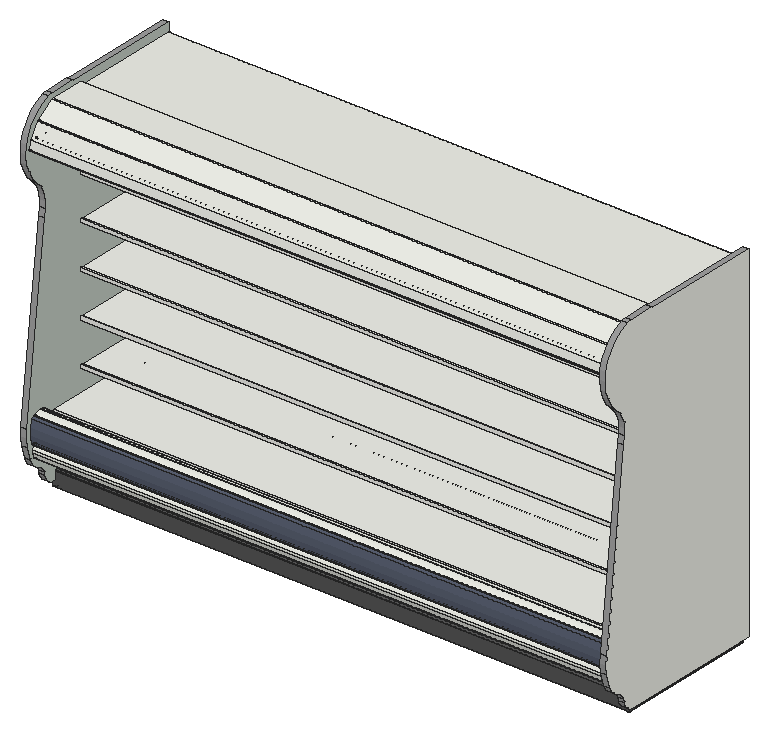
Revit family "IC6SL_2014", category Specialty Equipment, Revit 2014
Parameters (values of type "12'-0" Length")
  Width = 144 1/2"
  Waste Drain = 1 1/4"  # constant formula
  URL = "www.hussmann.com"
  Type Comments = ""
  Trim = Stainless Steel
  Total Weight = Case Weight + (2 * End Weight)  # 1800.00 lbf
  Top Clearance = 1 1/2"  # constant formula
  Splashguard = Textured Sheet Metal (Steel Painted) - 701 Black
  Side Panel - Right [instance] = yes
  Side Panel - Left [instance] = yes
  Shelves = Sheet Metal (Steel Painted) - 700 Interior White
  Shelf Lights [instance] = yes
  Shelf = yes
  Revit Family Date = "02/03/2016"  # constant formula
  Refrigeration Lines Suction = 7/8"  # constant formula
  Refrigeration Lines Liquid = 3/8"  # constant formula
  Refrig. Suction = "Suction"
  Refrig. Liquid = "Liquid"
  Number of Supports = if(Width < 50", 2, if(Width < 100", 3, 4))  # 4
  Number of Shelves = 5  # constant formula
  Note from Manufacturer = "This model only comes in 4'-0\", 6'-0\", 8'-0\", and 12'-0\" lengths."
  Model = "IC6SL"  # constant formula
  Manufacturer Disclaimer = "The information in this file is not intended to be an exact representation of the corresponding Hussmann product.  Further, we reserve the right to change or revise specifications and product design in connection with any feature of our products. Such changes do not entitle the buyer to corresponding changes, improvements, additions, or replacements for equipment previously sold or shipped."  # constant formula
  Manufacturer = "Hussmann Corporation"  # constant formula
  Height = 89"  # constant formula
  Ends = Textured Sheet Metal (Steel Painted) - 149 White Satin Matte
  End Weight = 100.00 lbf  # constant formula
  Drain Location = if(Width = 48 1/8", 24 1/8", if(Width = 72 1/4", 24 1/8", if(Width = 96 1/4", 24 1/8", if(Width = 144 1/2", 72 3/16", 0"))))  # 72 3/16"
  Description = ""
  Depth = 43 5/8"  # constant formula
  Clearance [instance] = no
  Case Weight = if(Width = 48 1/8", 800.00 lbf, if(Width = 72 1/4", 1000.00 lbf, if(Width = 96 1/4", 1200.00 lbf, if(Width = 144 1/2", 1600.00 lbf, 0.00 lbf))))  # 1600.00 lbf
  Case Interior - Side Panel = Mirror
  Case Interior - Back Panel = Sheet Metal (Steel Painted) - 700 Interior White
  Case = Textured Sheet Metal (Steel Painted) - 149 White Satin Matte
  Bumper = Extruded PVC - 739 Royal Blue
  Back Clearance = 1 1/2"  # constant formula
  Assembly Code = ""
  Accessories/Options = ""
  8 Case = Width = 96 1/4"  # no
  6 Case = Width = 72 1/4"  # no
  12 Case = Width = 144 1/2"  # yes
Reference planes (in)
  plane 1 "Back": y = 0
  plane 2 "Bottom": z = 0
  plane 3 "Top": z = 89
  plane 4 "Left": x = -77.30699
  plane 5 "Front": y = -43.625
  plane 6 "Center (Left/Right)": x = -5.05699
  plane 7: y = 1.5
  plane 8: x = -78.80699
  plane 9 "Right": x = 67.19301
  plane 10: x = 68.69301
  plane 11: z = 24
  plane 12: z = 68
  plane 13: z = 90.5
  plane 14: y = -35.04167
Forms (in)
  Extrusion 1, solid, material "Metal - Copper"
    sketch origin (63.0625, 1.04319, 0) x (1, 0, 0) y (0, 1, 0)
      loop
        arc (-68.05699, -33.91819) -> (-68.49893, -34.10125) -> (-68.68199, -34.54319) r 0.625
        arc (-68.68199, -34.54319) -> (-68.49893, -34.98513) -> (-68.05699, -35.16819) r 0.625
        arc (-68.05699, -35.16819) -> (-67.61504, -34.98513) -> (-67.43199, -34.54319) r 0.625
        arc (-67.43199, -34.54319) -> (-67.61504, -34.10125) -> (-68.05699, -33.91819) r 0.625
      loop
        circle (-68.05699, -34.54319) r 0.5852
    from 5.83913 to 0
  Extrusion 2, solid, material "Metal - Copper"
    sketch origin (57.40105, 5, -0.375) x (1, 0, 0) y (0, 1, 0)
      loop
        circle (0.72946, -33.6875) r 0.41359
      loop
        circle (0.72946, -33.6875) r 0.4375
    from 6.21413 to 0.375
  Extrusion 3, solid, material "Metal - Copper"
    sketch origin (59.82608, 5, -0.375) x (1, 0, 0) y (0, 1, 0)
      loop
        circle (-1.07057, -33.6875) r 0.17188
      loop
        circle (-1.07057, -33.6875) r 0.1875
    from 6.21413 to 0.375
  Extrusion 4, solid, material "Textured Sheet Metal (Steel Painted) - 149 White Satin Matte" <- "Case"
    sketch origin (-77.30699, 0, 0) x (0, 1, 0) y (0, 0, 1)
      loop
        line (-38.95363, 81.28148) -> (-38.4023, 81.28148)
        arc (-38.4023, 81.28148) -> (-38.31517, 81.31757) -> (-38.27908, 81.4047) r 0.12321
        line (-38.27908, 81.4047) -> (-38.27908, 82.16995)
        arc (-38.27908, 82.16995) -> (-38.26754, 82.22203) -> (-38.23507, 82.26434) r 0.12321
        line (-38.23507, 82.26434) -> (-37.90354, 82.54253) -> (-35.33864, 84.71404)
        arc (-35.33864, 84.71404) -> (-35.31006, 84.75128) -> (-35.2999, 84.7971) r 0.10843
        line (-35.2999, 84.7971) -> (-35.2999, 85.60775) -> (-31.66631, 85.60775) -> (-31.66631, 84.13914) -> (-30.43538, 84.1284) -> (-30.43419, 82.44679) -> (-6.45743, 82.23755) -> (-6.45743, 16.99802)
        arc (-6.45743, 16.99802) -> (-6.95766, 16.80938) -> (-7.33765, 16.43331) r 1.28353
        arc (-7.33765, 16.43331) -> (-7.5056, 16.03842) -> (-7.70059, 15.65616) r 6.16849
        line (-7.70059, 15.65616) -> (-8.11637, 15.65616)
        arc (-8.11637, 15.65616) -> (-8.29062, 15.72834) -> (-8.3628, 15.90259) r 0.24643
        line (-8.3628, 15.90259) -> (-8.3628, 16.00215)
        arc (-8.3628, 16.00215) -> (-8.41044, 16.11715) -> (-8.52544, 16.16479) r 0.16264
        line (-8.52544, 16.16479) -> (-16.42519, 16.16479)
        arc (-16.42519, 16.16479) -> (-16.52555, 16.13014) -> (-16.58314, 16.04094) r 0.16264
        arc (-16.58314, 16.04094) -> (-16.6704, 15.90581) -> (-16.82245, 15.8533) r 0.24643
        line (-16.82245, 15.8533) -> (-23.53022, 15.8533)
        arc (-23.53022, 15.8533) -> (-24.40593, 15.8255) -> (-25.27812, 15.74219) r 13.80297
        line (-25.27812, 15.74219) -> (-37.04715, 14.23976) -> (-38.02493, 14.11493) -> (-38.02084, 14.08287) -> (-38.13388, 14.07298) -> (-38.13388, 17.57716) -> (-38.28973, 18.49684)
        arc (-38.28973, 18.49684) -> (-38.29682, 18.51789) -> (-38.31006, 18.53571) r 0.07098
        line (-38.31006, 18.53571) -> (-39.22593, 19.43204)
        arc (-39.22593, 19.43204) -> (-39.24403, 19.4449) -> (-39.26523, 19.45153) r 0.07098
        line (-39.26523, 19.45153) -> (-40.16644, 19.58433)
        arc (-40.16644, 19.58433) -> (-40.21547, 19.57319) -> (-40.24776, 19.53466) r 0.07874
        arc (-40.24776, 19.53466) -> (-40.26031, 19.56751) -> (-40.29263, 19.58378) r 0.04929
        arc (-40.29263, 19.58378) -> (-41.30109, 19.53003) -> (-42.23776, 19.15249) r 3.07518
        arc (-42.23776, 19.15249) -> (-42.25414, 19.12583) -> (-42.25117, 19.09468) r 0.04929
        line (-42.25117, 19.09468) -> (-42.06364, 18.67278) -> (-42.06364, 12.96883) -> (-42.42329, 12.5551)
        arc (-42.42329, 12.5551) -> (-42.38146, 12.55128) -> (-42.34445, 12.57118) r 0.07294
        line (-42.34445, 12.57118) -> (-42.26537, 12.65026)
        spline (-42.26537, 12.65026) -> (-42.2561, 12.65787) -> (-42.24554, 12.66351) -> (-42.23407, 12.66699) -> (-42.22215, 12.66817) -> (-42.21023, 12.66699) -> (-42.19876, 12.66352) -> (-42.1882, 12.65787) -> (-42.17894, 12.65027) -> (-42.17134, 12.64101) -> (-42.16569, 12.63044) -> (-42.16222, 12.61898) -> (-42.16104, 12.60705)
        line (-42.16104, 12.60705) -> (-42.16104, 12.01792)
        spline (-42.16104, 12.01792) -> (-42.16136, 12.01167) -> (-42.16232, 12.00549) -> (-42.1639, 11.99943) -> (-42.16609, 11.99357) -> (-42.16887, 11.98797) -> (-42.17221, 11.98268) -> (-42.17607, 11.97775) -> (-42.18042, 11.97325) -> (-42.1852, 11.96922) -> (-42.19037, 11.9657) -> (-42.19587, 11.96272) -> (-42.20164, 11.96032)
        line (-42.20164, 11.96032) -> (-42.20164, 12.27475)
        arc (-42.20164, 12.27475) -> (-42.22756, 12.31695) -> (-42.27692, 12.31291) r 0.04731
        arc (-42.27692, 12.31291) -> (-42.64996, 11.92668) -> (-42.87206, 11.4378) r 1.57952
        arc (-42.87206, 11.4378) -> (-42.90548, 11.07785) -> (-42.81976, 10.72666) r 1.09394
        line (-42.81976, 10.72666) -> (-42.26888, 9.443)
        arc (-42.26888, 9.443) -> (-42.21812, 9.36447) -> (-42.14425, 9.30712) r 0.27895
        line (-42.14425, 9.30712) -> (-36.32041, 6.18741)
        arc (-36.32041, 6.18741) -> (-36.28438, 6.18382) -> (-36.25637, 6.20677) r 0.04731
        line (-36.25637, 6.20677) -> (-36.17007, 6.36786) -> (-35.32984, 5.91777) -> (-35.31508, 5.94531) -> (-35.11687, 5.83913) -> (-8.98621, 5.83913) -> (0, 10.28309) -> (0, 87.04445)
        arc (0, 87.04445) -> (-0.02916, 87.11484) -> (-0.09954, 87.14399) r 0.09954
        line (-0.09954, 87.14399) -> (-27.61232, 87.14399) -> (-27.61232, 88.15083) -> (-36.45963, 88.15083)
        arc (-36.45963, 88.15083) -> (-36.60177, 88.12989) -> (-36.73185, 88.06886) r 0.49301
        line (-36.73185, 88.06886) -> (-41.02722, 85.22414)
        arc (-41.02722, 85.22414) -> (-41.04098, 85.21013) -> (-41.04788, 85.19174) r 0.04731
        arc (-41.04788, 85.19174) -> (-41.07961, 85.19524) -> (-41.11152, 85.1943) r 0.22973
        arc (-41.11152, 85.1943) -> (-41.18477, 85.16938) -> (-41.23943, 85.11462) r 0.17034
        line (-41.23943, 85.11462) -> (-43.37249, 81.67788)
        arc (-43.37249, 81.67788) -> (-43.38812, 81.6472) -> (-43.39839, 81.61432) r 0.20453
        line (-43.39839, 81.61432) -> (-43.82085, 79.71024)
        arc (-43.82085, 79.71024) -> (-43.81985, 79.65271) -> (-43.79284, 79.60191) r 0.12321
        line (-43.79284, 79.60191) -> (-43.42114, 79.18181)
        arc (-43.42114, 79.18181) -> (-43.37947, 79.15112) -> (-43.32887, 79.14025) r 0.12321
        line (-43.32887, 79.14025) -> (-42.93241, 79.14025)
        arc (-42.93241, 79.14025) -> (-42.88766, 79.14866) -> (-42.84902, 79.17276) r 0.12321
        line (-42.84902, 79.17276) -> (-42.71439, 79.29656)
        arc (-42.71439, 79.29656) -> (-42.57186, 79.49825) -> (-42.52434, 79.74061) r 0.59024
        arc (-42.52434, 79.74061) -> (-42.56135, 79.90659) -> (-42.60556, 80.07079) r 3.89985
        arc (-42.60556, 80.07079) -> (-42.61565, 80.1131) -> (-42.59811, 80.1529) r 0.06818
        line (-42.59811, 80.1529) -> (-42.51389, 80.24518)
        arc (-42.51389, 80.24518) -> (-42.4434, 80.34605) -> (-42.40118, 80.46165) r 0.47516
        line (-42.40118, 80.46165) -> (-42.29629, 80.95825) -> (-42.21925, 81.23567)
        arc (-42.21925, 81.23567) -> (-42.18796, 81.32026) -> (-42.17733, 81.40982) r 0.38266
        line (-42.17733, 81.40982) -> (-42.17709, 81.68052)
        arc (-42.17709, 81.68052) -> (-42.15917, 81.7237) -> (-42.11598, 81.74158) r 0.06111
        line (-42.11598, 81.74158) -> (-41.86905, 81.74158)
        spline (-41.86905, 81.74158) -> (-41.86101, 81.74105) -> (-41.8531, 81.73948) -> (-41.84547, 81.73689) -> (-41.83825, 81.73333) -> (-41.83155, 81.72885) -> (-41.82549, 81.72354) -> (-41.82018, 81.71748) -> (-41.8157, 81.71078) -> (-41.81214, 81.70355) -> (-41.80955, 81.69592) -> (-41.80798, 81.68802) -> (-41.80745, 81.67998)
        line (-41.80745, 81.67998) -> (-41.80745, 81.43401)
        spline (-41.80745, 81.43401) -> (-41.80692, 81.42597) -> (-41.80535, 81.41807) -> (-41.80276, 81.41044) -> (-41.7992, 81.40321) -> (-41.79472, 81.39651) -> (-41.78941, 81.39046) -> (-41.78335, 81.38514) -> (-41.77665, 81.38067) -> (-41.76942, 81.37711) -> (-41.76179, 81.37452) -> (-41.75389, 81.37294) -> (-41.74585, 81.37242)
        line (-41.74585, 81.37242) -> (-41.31459, 81.37242) -> (-41.31459, 81.74158) -> (-39.82765, 81.74158) -> (-39.20346, 81.74158)
        arc (-39.20346, 81.74158) -> (-39.11634, 81.70549) -> (-39.08025, 81.61836) r 0.12321
        line (-39.08025, 81.61836) -> (-39.08025, 81.4047)
        arc (-39.08025, 81.4047) -> (-39.0434, 81.31833) -> (-38.95704, 81.28256) r 0.12214
    from 144.5 to 0
  Extrusion 5, solid, material "Extruded PVC - 739 Royal Blue" <- "Bumper"
    sketch origin (-77.30699, 0, 0) x (0, 1, 0) y (0, 0, 1)
      loop
        arc (-43.11188, 13.00455) -> (-42.90263, 12.73581) -> (-42.61315, 12.55634) r 0.96652
        arc (-42.61315, 12.55634) -> (-42.58068, 12.54404) -> (-42.54783, 12.53279) r 1.09071
        arc (-42.54783, 12.53279) -> (-42.48276, 12.52833) -> (-42.42329, 12.5551) r 0.13406
        line (-42.42329, 12.5551) -> (-42.06364, 12.96883) -> (-42.06364, 18.67278) -> (-42.24749, 19.08641) -> (-42.29352, 19.08641)
        arc (-42.29352, 19.08641) -> (-42.45612, 19.0616) -> (-42.61315, 19.01262) r 1.09071
        arc (-42.61315, 19.01262) -> (-42.90263, 18.83315) -> (-43.11188, 18.5644) r 0.96652
        arc (-43.11188, 18.5644) -> (-43.54736, 15.78448) -> (-43.11188, 13.00455) r 9.09066
    from 144.5 to 0
  Sweep 6, solid, material "Textured Sheet Metal (Steel Painted) - 701 Black" <- "Splashguard"
    path origin (0, 0, 0) x (1, 0, 0) y (0, 1, 0)
      loop
        line (-77.30699, -0.09954) -> (-77.30699, -35.04167) -> (67.19301, -35.04167) -> (67.19301, 0)
    profile origin (-5.05699, -35.04167, 0) x (0, 1, 0) y (0, 0, 1)
      loop
        arc (-0.48823, 0.04993) -> (-0.46327, 0.00669) -> (-0.41334, 0.00669) r 0.04993
        line (-0.41334, 0.00669) -> (-0.33844, 0.04993) -> (-0.14028, 0.04993)
        arc (-0.14028, 0.04993) -> (-0.06069, 0.00087) -> (0.0001, 0.07191) r 0.07191
        line (0.0001, 0.07191) -> (0.0001, 3.96901)
        arc (0.0001, 3.96901) -> (-0.0272, 4.01351) -> (-0.07925, 4.00935) r 0.04993
        line (-0.07925, 4.00935) -> (-0.46771, 3.72617)
        arc (-0.46771, 3.72617) -> (-0.48281, 3.70846) -> (-0.48823, 3.68583) r 0.04993
        line (-0.48823, 3.68583) -> (-0.48823, 0.04993)
  Sweep 7, solid, material "Textured Sheet Metal (Steel Painted) - 149 White Satin Matte" <- "Case"
    path origin (0, 0, 0) x (1, 0, 0) y (0, 1, 0)
      loop
        line (-77.30699, -35.04167) -> (67.19301, -35.04167)
    profile origin (-5.05699, -35.04167, 0) x (0, 1, 0) y (0, 0, 1)
      loop
        line (0.03495, 2.1979) -> (0.03495, 4.93389)
        arc (0.03495, 4.93389) -> (0.02826, 4.95886) -> (0.00999, 4.97713) r 0.04993
        line (0.00999, 4.97713) -> (-0.99159, 5.55539) -> (-0.99159, 6.22125) -> (-1.02654, 6.22125) -> (-1.02654, 5.56404)
        arc (-1.02654, 5.56404) -> (-1.01985, 5.53907) -> (-1.00157, 5.5208) r 0.04993
        line (-1.00157, 5.5208) -> (0, 4.94254) -> (0, 2.1979) -> (0.03495, 2.1979)
  Extrusion 8, solid, material "Sheet Metal (Steel Painted) - 700 Interior White" <- "Shelves"
    sketch origin (-77.30699, 0, 0) x (0, 1, 0) y (0, 0, 1)
      loop
        arc (-36.71622, 14.80991) -> (-36.81769, 14.75606) -> (-36.85826, 14.64858) r 0.16264
        line (-36.85826, 14.64858) -> (-36.85826, 14.55659) -> (-36.85826, 14.48084)
        arc (-36.85826, 14.48084) -> (-36.91974, 14.31799) -> (-37.07349, 14.23639) r 0.24643
        line (-37.07349, 14.23639) -> (-36.07658, 14.36366)
        arc (-36.07658, 14.36366) -> (-35.91979, 14.44878) -> (-35.86124, 14.61742) r 0.24643
        arc (-35.86124, 14.61742) -> (-35.82279, 14.72871) -> (-35.71931, 14.78489) r 0.16264
        line (-35.71931, 14.78489) -> (-25.3253, 16.11179)
        arc (-25.3253, 16.11179) -> (-24.42957, 16.19734) -> (-23.53022, 16.2259) r 14.17557
        line (-23.53022, 16.2259) -> (-20.05164, 16.2259)
        arc (-20.05164, 16.2259) -> (-19.96233, 16.25262) -> (-19.90236, 16.32398) r 0.16264
        arc (-19.90236, 16.32398) -> (-19.84239, 16.39535) -> (-19.75308, 16.42206) r 0.16264
        line (-19.75308, 16.42206) -> (-8.52544, 16.42206)
        arc (-8.52544, 16.42206) -> (-8.41044, 16.37442) -> (-8.3628, 16.25942) r 0.16264
        line (-8.3628, 16.25942) -> (-8.3628, 15.90259)
        arc (-8.3628, 15.90259) -> (-8.29062, 15.72834) -> (-8.11637, 15.65616) r 0.24643
        line (-8.11637, 15.65616) -> (-7.79799, 15.65616) -> (-7.79799, 15.72812) -> (-8.04441, 15.72812)
        arc (-8.04441, 15.72812) -> (-8.21867, 15.80029) -> (-8.29084, 15.97455) r 0.24643
        line (-8.29084, 15.97455) -> (-8.29084, 16.45089)
        arc (-8.29084, 16.45089) -> (-8.32693, 16.53802) -> (-8.41406, 16.57411) r 0.12321
        line (-8.41406, 16.57411) -> (-19.82985, 16.57411)
        arc (-19.82985, 16.57411) -> (-19.91938, 16.54725) -> (-19.97934, 16.47553) r 0.16264
        arc (-19.97934, 16.47553) -> (-20.0393, 16.40382) -> (-20.12883, 16.37696) r 0.16264
        line (-20.12883, 16.37696) -> (-23.53022, 16.37696)
        arc (-23.53022, 16.37696) -> (-24.43916, 16.3481) -> (-25.34443, 16.26163) r 14.32663
        line (-25.34443, 16.26163) -> (-36.71622, 14.80991)
      loop
        line (-37.11188, 16.79819) -> (-37.06655, 16.79819) -> (-36.78399, 16.96132) -> (-35.37702, 16.96132) -> (-35.37702, 17.18878) -> (-10.12574, 17.18878) -> (-10.12574, 17.33269) -> (-9.48404, 17.33269) -> (-9.48404, 16.97586) -> (-8.56986, 16.97586) -> (-8.28645, 16.81223) -> (-8.2381, 16.81223) -> (-8.2381, 17.20204) -> (-8.3761, 17.28171)
        arc (-8.3761, 17.28171) -> (-8.46787, 17.31973) -> (-8.56634, 17.33269) r 0.38049
        line (-8.56634, 17.33269) -> (-9.14496, 17.33269)
        arc (-9.14496, 17.33269) -> (-9.0296, 17.38146) -> (-8.98182, 17.49681) r 0.16314
        arc (-8.98182, 17.49681) -> (-8.99995, 17.57156) -> (-9.05033, 17.6297) r 0.16314
        line (-9.05033, 17.6297) -> (-9.27223, 17.75781) -> (-10.12574, 17.75781) -> (-10.12574, 17.80485) -> (-36.37259, 17.80485) -> (-36.37259, 17.31864) -> (-36.77772, 17.31864)
        arc (-36.77772, 17.31864) -> (-36.87626, 17.30567) -> (-36.96809, 17.26764) r 0.38073
        line (-36.96809, 17.26764) -> (-37.11188, 17.18462) -> (-37.11188, 16.79819)
    from 144.5 to 0
  Extrusion 9, solid, material "Sheet Metal (Steel Painted) - 700 Interior White" <- "Case Interior - Back Panel"
    sketch origin (-77.30699, 0, 0) x (0, 1, 0) y (0, 0, 1)
      loop
        line (-6.45743, 82.23755) -> (-32.13553, 82.46164) -> (-32.13876, 82.09201) -> (-7.69234, 81.87867) -> (-7.69234, 17.05549) -> (-7.79799, 17.05549) -> (-7.79799, 15.85022)
        arc (-7.79799, 15.85022) -> (-7.72794, 15.78017) -> (-7.65789, 15.85022) r 0.07005
        line (-7.65789, 15.85022) -> (-7.65789, 16.09665) -> (-7.72789, 16.09665) -> (-7.72803, 16.99653) -> (-6.45743, 16.99805) -> (-6.45743, 82.23755)
    from 144.5 to 0
  Extrusion 10, solid, material "Sheet Metal (Steel Painted) - 700 Interior White" <- "Case Interior - Back Panel"
    sketch origin (-5.05699, 0, 0) x (0, 1, 0) y (0, 0, 1)
      loop
        arc (-41.8562, 80.03951) -> (-41.82752, 80.01083) -> (-41.79884, 80.03951) r 0.02868
        line (-41.79884, 80.03951) -> (-41.79884, 81.24297) -> (-40.87295, 81.24297) -> (-40.87295, 80.04239) -> (-39.70488, 80.04239) -> (-39.70488, 81.24297) -> (-39.42198, 81.24297) -> (-39.42198, 81.1651) -> (-39.30961, 81.1651) -> (-39.30961, 80.92163) -> (-38.99517, 80.92163) -> (-38.99517, 81.1651) -> (-38.88279, 81.1651) -> (-38.88279, 81.24297) -> (-38.22649, 81.24297) -> (-38.22649, 81.14465) -> (-38.44795, 81.14465)
        arc (-38.44795, 81.14465) -> (-38.49326, 81.12589) -> (-38.51202, 81.08058) r 0.06407
        line (-38.51202, 81.08058) -> (-38.51202, 80.78531) -> (-38.38529, 80.6843)
        arc (-38.38529, 80.6843) -> (-38.24254, 80.60646) -> (-38.08239, 80.57926) r 0.48508
        line (-38.08239, 80.57926) -> (-37.44234, 80.57926)
        arc (-37.44234, 80.57926) -> (-37.40931, 80.59294) -> (-37.39564, 80.62597) r 0.0467
        arc (-37.39564, 80.62597) -> (-37.42099, 80.65251) -> (-37.4449, 80.62465) r 0.02476
        line (-37.4449, 80.62465) -> (-37.79457, 80.62465) -> (-37.79457, 80.87309) -> (-37.42388, 80.87309)
        arc (-37.42388, 80.87309) -> (-37.39924, 80.89774) -> (-37.42388, 80.92238) r 0.02464
        line (-37.42388, 80.92238) -> (-32.22587, 80.92238) -> (-32.22587, 80.98358) -> (-32.16322, 80.98358) -> (-32.15337, 82.11176)
        arc (-32.15337, 82.11176) -> (-32.16998, 82.09809) -> (-32.17634, 82.07755) r 0.03745
        line (-32.17634, 82.07755) -> (-32.18568, 81.00646) -> (-32.22587, 81.00646) -> (-32.22587, 81.90809) -> (-35.06899, 81.90809) -> (-35.06899, 81.66167) -> (-35.19221, 81.66167) -> (-35.19221, 81.90809) -> (-37.72155, 81.90809) -> (-37.72155, 80.92238) -> (-37.79457, 80.92238) -> (-37.79457, 81.147) -> (-37.75633, 81.17688) -> (-37.79085, 81.2624) -> (-37.8292, 81.2624) -> (-37.8292, 81.2935) -> (-37.79665, 81.2935)
        arc (-37.79665, 81.2935) -> (-37.75134, 81.31226) -> (-37.73258, 81.35757) r 0.06407
        line (-37.73258, 81.35757) -> (-37.73258, 81.47033) -> (-37.77306, 81.61659) -> (-37.72435, 81.61659) -> (-37.7636, 81.68907)
        arc (-37.7636, 81.68907) -> (-37.77623, 81.70235) -> (-37.79416, 81.70611) r 0.0308
        arc (-37.79416, 81.70611) -> (-37.8096, 81.70129) -> (-37.81623, 81.68654) r 0.01971
        line (-37.81623, 81.68654) -> (-37.81623, 81.58799) -> (-37.78186, 81.46162) -> (-37.78186, 81.34278) -> (-38.08813, 81.34278) -> (-38.08752, 81.46557) -> (-38.05369, 81.58783) -> (-38.05369, 81.68654)
        arc (-38.05369, 81.68654) -> (-38.06032, 81.70129) -> (-38.07577, 81.70611) r 0.01971
        arc (-38.07577, 81.70611) -> (-38.09369, 81.70235) -> (-38.10632, 81.68907) r 0.0308
        line (-38.10632, 81.68907) -> (-38.14558, 81.61659) -> (-38.09686, 81.61659) -> (-38.13735, 81.47031) -> (-38.13728, 81.34278) -> (-38.22649, 81.34278) -> (-38.22649, 81.27157) -> (-41.81281, 81.27157)
        arc (-41.81281, 81.27157) -> (-41.84349, 81.25886) -> (-41.8562, 81.22818) r 0.04339
        line (-41.8562, 81.22818) -> (-41.8562, 80.03951)
    from 72.25 to -72.25
  Extrusion 11, solid, material "Textured Sheet Metal (Steel Painted) - 149 White Satin Matte" <- "Ends", visible <- "Side Panel - Left"
    sketch origin (-77.30699, 0, 0) x (0, 1, 0) y (0, 0, 1)
      loop
        arc (-37.50168, 89.04781) -> (-44.41979, 80.91901) -> (-40.96162, 70.82057) r 10.78794
        arc (-40.96162, 70.82057) -> (-38.86106, 67.75466) -> (-38.46363, 64.05951) r 7.60723
        line (-38.46363, 64.05951) -> (-38.74746, 62.03997) -> (-44.32524, 16.72702)
        arc (-44.32524, 16.72702) -> (-44.4101, 14.56704) -> (-44.06263, 12.43351) r 10.78794
        line (-44.06263, 12.43351) -> (-43.19417, 9.19235)
        arc (-43.19417, 9.19235) -> (-42.58803, 7.99698) -> (-41.5514, 7.14743) r 3.25305
        line (-41.5514, 7.14743) -> (-40.2779, 6.48598)
        arc (-40.2779, 6.48598) -> (-39.3936, 5.76124) -> (-38.87657, 4.74148) r 2.77486
        line (-38.87657, 4.74148) -> (-38.62104, 3.78754)
        arc (-38.62104, 3.78754) -> (-37.45919, 2.04852) -> (-35.47877, 1.37623) r 3.25305
        line (-35.47877, 1.37623) -> (-34.43393, 1.37623) -> (-34.43393, 1.57231) -> (0.41541, 1.56711) -> (0.41541, 89.05211) -> (-29.86158, 89.05344) -> (-29.86158, 89.24299) -> (-36.39182, 89.24299)
        arc (-36.39182, 89.24299) -> (-36.95527, 89.19383) -> (-37.50168, 89.04781) r 3.25305
    from 0 to -1.5
  Extrusion 12, solid, material "Textured Sheet Metal (Steel Painted) - 149 White Satin Matte" <- "Ends", visible <- "Side Panel - Right"
    sketch origin (-77.30699, 0, 0) x (0, 1, 0) y (0, 0, 1)
      loop
        arc (-37.50168, 89.04781) -> (-44.41979, 80.91901) -> (-40.96162, 70.82057) r 10.78794
        arc (-40.96162, 70.82057) -> (-38.86106, 67.75466) -> (-38.46363, 64.05951) r 7.60723
        line (-38.46363, 64.05951) -> (-38.74746, 62.03997) -> (-44.32524, 16.72702)
        arc (-44.32524, 16.72702) -> (-44.4101, 14.56704) -> (-44.06263, 12.43351) r 10.78794
        line (-44.06263, 12.43351) -> (-43.19417, 9.19235)
        arc (-43.19417, 9.19235) -> (-42.58803, 7.99698) -> (-41.5514, 7.14743) r 3.25305
        line (-41.5514, 7.14743) -> (-40.2779, 6.48598)
        arc (-40.2779, 6.48598) -> (-39.3936, 5.76124) -> (-38.87657, 4.74148) r 2.77486
        line (-38.87657, 4.74148) -> (-38.62104, 3.78754)
        arc (-38.62104, 3.78754) -> (-37.45919, 2.04852) -> (-35.47877, 1.37623) r 3.25305
        line (-35.47877, 1.37623) -> (-34.43393, 1.37623) -> (-34.43393, 1.57231) -> (0.41541, 1.56711) -> (0.41541, 89.05211) -> (-29.86158, 89.05344) -> (-29.86158, 89.24299) -> (-36.39182, 89.24299)
        arc (-36.39182, 89.24299) -> (-36.95527, 89.19383) -> (-37.50168, 89.04781) r 3.25305
    from 146 to 144.5
Lines and regions (in)
  reference lines
    curve 1: line (-4.99449, -43.625, 0) -> (-4.99449, 0, 0)
    curve 2: line (58.56801, -43.625, 0) -> (58.56801, 0, 0)
    curve 3: line (-77.30699, -33.5, 0) -> (67.19301, -33.5, 0)
    curve 4: line (67.19301, -28.6875, 0) -> (-77.30699, -28.6875, 0)
  symbolic lines, style "Clearance", visible <- "Clearance"
    curve 5: line (-77.30699, 1.5, 0) -> (67.19301, 1.5, 0)
    curve 6: line (-77.30699, 0, 0) -> (-77.30699, 1.5, 0)
    curve 7: line (67.19301, 0, 0) -> (67.19301, 1.5, 0)
    curve 8: line (-77.30699, -40, 88.15083) -> (-77.30699, -40, 90.5)
    curve 9: line (-77.30699, -40, 90.5) -> (67.19301, -40, 90.5)
    curve 10: line (67.19301, -40, 90.5) -> (67.19301, -40, 88.15083)
    curve 55: line (-5.05699, -43.82378, 79.68355) -> (-5.05699, -43.82378, 90.5)
    curve 56: line (-5.05699, -43.82378, 90.5) -> (-5.05699, 0, 90.5)
    curve 57: line (-5.05699, 0, 90.5) -> (-5.05699, 0, 87.14399)
    curve 58: line (-5.05699, 0, 87.14399) -> (-5.05699, 1.5, 87.14399)
    curve 59: line (-5.05699, 1.5, 87.14399) -> (-5.05699, 1.5, 0)
    curve 60: line (-5.05699, 1.5, 0) -> (-5.05699, 0, 0)
  model lines, style "SpecialityEquipment", detail levels fine
    curve 11: line (-5.05699, -42.06364, 18.67278) -> (-5.05699, -42.06364, 9.56037)
    curve 12: line (-5.05699, -41.06562, 18.67278) -> (-5.05699, -42.06364, 18.67278)
    curve 13: line (-5.05699, -41.06562, 13.0616) -> (-5.05699, -41.06562, 18.67278)
    curve 14: arc (-5.05699, -41.06562, 13.0616) -> (-5.05699, -41.0281, 12.87299) -> (-5.05699, -40.92127, 12.7131) r 0.49286
    curve 15: line (-5.05699, -40.25153, 12.04337) -> (-5.05699, -40.92127, 12.7131)
    curve 16: arc (-5.05699, -40.10718, 11.69486) -> (-5.05699, -40.14469, 11.88347) -> (-5.05699, -40.25153, 12.04337) r 0.49286
    curve 17: line (-5.05699, -40.10718, 11.22607) -> (-5.05699, -40.10718, 11.69486)
    curve 18: arc (-5.05699, -40.10718, 11.22607) -> (-5.05699, -39.96282, 10.87757) -> (-5.05699, -39.61432, 10.73321) r 0.49286
    curve 19: line (-5.05699, -39.61432, 10.73321) -> (-5.05699, -38.82747, 10.73321)
    curve 20: arc (-5.05699, -38.3102, 10.25818) -> (-5.05699, -38.46939, 10.60398) -> (-5.05699, -38.82747, 10.73321) r 0.49286
    curve 21: line (-5.05699, -38.30054, 9.98155) -> (-5.05699, -38.3102, 10.25818)
    curve 22: arc (-5.05699, -38.30054, 9.98155) -> (-5.05699, -38.2316, 9.74684) -> (-5.05699, -38.0583, 9.57419) r 0.49286
    curve 23: line (-5.05699, -38.0583, 9.57419) -> (-5.05699, -37.3398, 9.19226)
    curve 24: arc (-5.05699, -37.3398, 9.19226) -> (-5.05699, -37.22705, 9.14868) -> (-5.05699, -37.10708, 9.13386) r 0.49286
    curve 25: line (-5.05699, -37.10708, 9.13386) -> (-5.05699, -34.94086, 9.13386)
    curve 26: arc (-5.05699, -34.94086, 9.13386) -> (-5.05699, -34.69444, 9.19989) -> (-5.05699, -34.51404, 9.38029) r 0.49286
    curve 27: line (-5.05699, -34.51404, 9.38029) -> (-5.05699, -33.8752, 10.48678)
    curve 28: arc (-5.05699, -33.44837, 10.73321) -> (-5.05699, -33.6948, 10.66718) -> (-5.05699, -33.8752, 10.48678) r 0.49286
    curve 29: line (-5.05699, -33.44837, 10.73321) -> (-5.05699, -24.74121, 10.73321)
    curve 30: line (-5.05699, -24.74121, 10.73321) -> (-5.05699, -11.57219, 12.6709)
    curve 31: arc (-5.05699, -11.57219, 12.6709) -> (-5.05699, -9.32802, 13.7636) -> (-5.05699, -7.70059, 15.65616) r 6.16849
    curve 32: line (-5.05699, -42.06364, 9.56037) -> (-5.05699, -35.31508, 5.94531)
  model lines, style "SpecialityEquipment", not visible, detail levels fine
    curve 33: line (-5.05699, -42.06364, 18.67278) -> (-5.05699, -42.06364, 9.56037)
    curve 34: line (-5.05699, -41.06562, 18.67278) -> (-5.05699, -42.06364, 18.67278)
    curve 35: line (-5.05699, -41.06562, 13.0616) -> (-5.05699, -41.06562, 18.67278)
    curve 36: arc (-5.05699, -41.06562, 13.0616) -> (-5.05699, -41.0281, 12.87299) -> (-5.05699, -40.92127, 12.7131) r 0.49286
    curve 37: line (-5.05699, -40.25153, 12.04337) -> (-5.05699, -40.92127, 12.7131)
    curve 38: arc (-5.05699, -40.10718, 11.69486) -> (-5.05699, -40.14469, 11.88347) -> (-5.05699, -40.25153, 12.04337) r 0.49286
    curve 39: line (-5.05699, -40.10718, 11.22607) -> (-5.05699, -40.10718, 11.69486)
    curve 40: arc (-5.05699, -40.10718, 11.22607) -> (-5.05699, -39.96282, 10.87757) -> (-5.05699, -39.61432, 10.73321) r 0.49286
    curve 41: line (-5.05699, -39.61432, 10.73321) -> (-5.05699, -38.82747, 10.73321)
    curve 42: arc (-5.05699, -38.3102, 10.25818) -> (-5.05699, -38.46939, 10.60398) -> (-5.05699, -38.82747, 10.73321) r 0.49286
    curve 43: line (-5.05699, -38.30054, 9.98155) -> (-5.05699, -38.3102, 10.25818)
    curve 44: arc (-5.05699, -38.30054, 9.98155) -> (-5.05699, -38.2316, 9.74684) -> (-5.05699, -38.0583, 9.57419) r 0.49286
    curve 45: line (-5.05699, -38.0583, 9.57419) -> (-5.05699, -37.3398, 9.19226)
    curve 46: arc (-5.05699, -37.3398, 9.19226) -> (-5.05699, -37.22705, 9.14868) -> (-5.05699, -37.10708, 9.13386) r 0.49286
    curve 47: line (-5.05699, -37.10708, 9.13386) -> (-5.05699, -34.94086, 9.13386)
    curve 48: arc (-5.05699, -34.94086, 9.13386) -> (-5.05699, -34.69444, 9.19989) -> (-5.05699, -34.51404, 9.38029) r 0.49286
    curve 49: line (-5.05699, -34.51404, 9.38029) -> (-5.05699, -33.8752, 10.48678)
    curve 50: arc (-5.05699, -33.44837, 10.73321) -> (-5.05699, -33.6948, 10.66718) -> (-5.05699, -33.8752, 10.48678) r 0.49286
    curve 51: line (-5.05699, -33.44837, 10.73321) -> (-5.05699, -24.74121, 10.73321)
    curve 52: line (-5.05699, -24.74121, 10.73321) -> (-5.05699, -11.57219, 12.6709)
    curve 53: arc (-5.05699, -11.57219, 12.6709) -> (-5.05699, -9.32802, 13.7636) -> (-5.05699, -7.70059, 15.65616) r 6.16849
    curve 54: line (-5.05699, -42.06364, 9.56037) -> (-5.05699, -35.31508, 5.94531)
Dimensions and locks (in)
  equal spacing: plane 4 "Left", plane 6 "Center (Left/Right)", plane 9 "Right"
  locked: plane 8 to plane 4 "Left" at 1.5
  "Width": plane 4 "Left" to plane 9 "Right"
  "Drain Location": curve 1 to plane 9 "Right"
  "Depth": plane 5 "Front" to plane 1 "Back"
  "Back Clearance": plane 1 "Back" to plane 7
  locked: curve 2 to plane 9 "Right" at 8.625
  "Height": plane 3 "Top" to level
  locked: plane 1 "Back" to curve 3 at 33.5
  locked: plane 1 "Back" to curve 4 at 28.6875
  locked: plane 9 "Right" to plane 10 at 1.5
  locked: plane 11 to level at 24
  locked: plane 12 to level at 68
  "Top Clearance": plane 13 to plane 3 "Top"
  locked: Extrusion 1 sketch curve to Extrusion 1 sketch curve at 0.0398
  locked: Extrusion 3 sketch curve to Extrusion 3 sketch curve at 0.01562
  locked: Extrusion 2 sketch curve to Extrusion 2 sketch curve at 0.02391
  equal spacing: group 3, group 5, group 6, group 7, group 4  (x3)
  nested 12 to plane 6 "Center (Left/Right)" to nested 13 = 24" locked, 24" locked
  "Waste Drain": diameter of Extrusion 1 sketch curve
  "Refrigeration Lines Liquid": diameter of Extrusion 3 sketch curve
  "Refrigeration Lines Suction": diameter of Extrusion 2 sketch curve
  aligned and locked: plane 5 "Front" to curve 1
  aligned and locked: plane 4 "Left" to curve 3
  aligned and locked: plane 4 "Left" to curve 4
  aligned and locked: plane 9 "Right" to curve 4
  aligned and locked: plane 9 "Right" to curve 3
  aligned and locked: Extrusion 2 to level
  aligned and locked: Extrusion 3 to level
  aligned and locked: curve 4 to Extrusion 3 sketch curve  (x4)
  aligned and locked: curve 4 to Extrusion 2 sketch curve  (x4)
  aligned and locked: curve 3 to Extrusion 1 sketch curve  (x3)
  aligned and locked: curve 1 to Extrusion 1 sketch curve
  aligned and locked: curve 2 to Extrusion 3 sketch curve
  aligned and locked: curve 2 to Extrusion 2 sketch curve
  aligned and locked: curve 5 to plane 7
  aligned and locked: plane 9 "Right" to curve 7
  aligned and locked: plane 4 "Left" to curve 6
  aligned and locked: Extrusion 1 to level
  aligned and locked: Extrusion 2 to Extrusion 1
  aligned and locked: Extrusion 3 to Extrusion 1
  aligned and locked: curve 10 to plane 9 "Right"
  aligned and locked: plane 13 to curve 9
  aligned and locked: plane 4 "Left" to curve 8
  aligned and locked: plane 9 "Right" to Extrusion 4
  aligned and locked: Extrusion 4 to plane 4 "Left"
  aligned and locked: Extrusion 5 to plane 4 "Left"
  aligned and locked: plane 9 "Right" to Extrusion 5
  aligned and locked: plane 4 "Left" to Sweep 6 sketch curve
  aligned and locked: Sweep 6 sketch curve to plane 14
  aligned and locked: plane 9 "Right" to Sweep 6 sketch curve
  aligned and locked: Sweep 7 sketch curve to plane 14
  aligned and locked: Extrusion 8 to plane 4 "Left"
  aligned and locked: plane 9 "Right" to Extrusion 8
  aligned and locked: Extrusion 9 to plane 4 "Left"
  aligned and locked: plane 9 "Right" to Extrusion 9
  aligned and locked: plane 4 "Left" to Sweep 7 sketch curve
  aligned and locked: plane 9 "Right" to Sweep 7 sketch curve
  aligned and locked: Extrusion 10 to plane 4 "Left"
  aligned and locked: plane 9 "Right" to Extrusion 10
  aligned and locked: level to curve 60
  aligned and locked: curve 59 to plane 7
  aligned and locked: Extrusion 4 to curve 58
  aligned and locked: plane 1 "Back" to curve 57
  aligned and locked: plane 13 to curve 56
  aligned and locked: plane 8 to Extrusion 11
  aligned and locked: plane 4 "Left" to Extrusion 11
  aligned and locked: plane 10 to Extrusion 12
  aligned and locked: Extrusion 12 to plane 9 "Right"
  aligned and locked: plane 4 "Left" to nested 1
  aligned and locked: plane 4 "Left" to nested 2  (x2)
  aligned and locked: plane 11 to nested 2
  aligned and locked: Extrusion 9 to nested 2
  aligned and locked: plane 12 to nested 3
  aligned and locked: plane 4 "Left" to nested 7
  aligned and locked: plane 4 "Left" to nested 6
  aligned and locked: plane 4 "Left" to nested 5  (x2)
  aligned and locked: plane 4 "Left" to nested 4
  aligned and locked: plane 4 "Left" to nested 8
  aligned and locked: plane 4 "Left" to nested 9
  aligned and locked: plane 4 "Left" to nested 10
  aligned and locked: plane 4 "Left" to nested 11
  aligned and locked: plane 6 "Center (Left/Right)" to nested 14
  aligned and locked: plane 4 "Left" to nested 15
  aligned and locked: plane 9 "Right" to nested 16
  aligned and locked: plane 1 "Back" to nested 15
  aligned and locked: plane 1 "Back" to nested 12
  aligned and locked: plane 1 "Back" to nested 14
  aligned and locked: plane 1 "Back" to nested 13
  aligned and locked: plane 1 "Back" to nested 16
  aligned and locked: Extrusion 1 to Extrusion 4
  aligned and locked: plane 6 "Center (Left/Right)" to nested 17
  aligned and locked: plane 1 "Back" to nested 17
Automatic sketch dimensions
  plane 1 "Back" to curve 7 = 0"
  plane 1 "Back" to curve 6 = 0"
  Extrusion 4 sketch curve to plane 1 "Back" = 0"
  plane 1 "Back" to Extrusion 4 sketch curve = 0.09954"
  plane 1 "Back" to Extrusion 4 sketch curve = 6.26459"
  plane 1 "Back" to Extrusion 4 sketch curve = 6.45743"
  Extrusion 4 sketch curve to Extrusion 4 sketch curve = 1.436"
  Extrusion 4 sketch curve to Extrusion 4 sketch curve = 0.41578"
  Extrusion 4 sketch curve to Extrusion 4 sketch curve = 0.24643"  (x2)
  Extrusion 4 sketch curve to Extrusion 4 sketch curve = 0.16264"
  plane 1 "Back" to Extrusion 4 sketch curve = 8.98621"
  Extrusion 4 sketch curve to Extrusion 4 sketch curve = 4.56921"
  Extrusion 4 sketch curve to Extrusion 4 sketch curve = 3.33054"
  Extrusion 4 sketch curve to Extrusion 4 sketch curve = 0.39726"
  level to Extrusion 4 sketch curve = 2.05034"
  Extrusion 4 sketch curve to Extrusion 4 sketch curve = 14.54401"
  Extrusion 4 sketch curve to plane 11 = 8 33/128"
  Extrusion 4 sketch curve to Extrusion 4 sketch curve = 1.74789"
  plane 3 "Top" to Extrusion 4 sketch curve = 1.85601"
  plane 5 "Front" to Extrusion 4 sketch curve = 16.01268"
  plane 3 "Top" to Extrusion 4 sketch curve = 6.55321"
  Extrusion 4 sketch curve to Extrusion 4 sketch curve = 2.82188"
  plane 3 "Top" to Extrusion 4 sketch curve = 4.8716"
  Extrusion 4 sketch curve to Extrusion 4 sketch curve = 0.00119"
  Extrusion 4 sketch curve to Extrusion 4 sketch curve = 1.23093"
  Extrusion 4 sketch curve to Extrusion 4 sketch curve = 3.6336"
  plane 5 "Front" to Extrusion 4 sketch curve = 8.30992"
  Extrusion 4 sketch curve to Extrusion 4 sketch curve = 0.01476"
  plane 3 "Top" to Extrusion 4 sketch curve = 4.28596"
  Extrusion 4 sketch curve to Extrusion 4 sketch curve = 0.03873"
  Extrusion 4 sketch curve to Extrusion 4 sketch curve = 0.0697"
  Extrusion 4 sketch curve to Extrusion 4 sketch curve = 0.84023"
  Extrusion 4 sketch curve to Extrusion 4 sketch curve = 0.08629"
  Extrusion 4 sketch curve to Extrusion 4 sketch curve = 0.0417"
  Extrusion 4 sketch curve to Extrusion 4 sketch curve = 0.02234"
  Extrusion 4 sketch curve to Extrusion 4 sketch curve = 1.15972"
  Extrusion 4 sketch curve to Extrusion 4 sketch curve = 0.27222"
  Extrusion 4 sketch curve to Extrusion 4 sketch curve = 2.5649"
  Extrusion 4 sketch curve to Extrusion 4 sketch curve = 0.97369"
  Extrusion 4 sketch curve to Extrusion 4 sketch curve = 0.00409"
  Extrusion 4 sketch curve to Extrusion 4 sketch curve = 0.11305"
  Extrusion 4 sketch curve to Extrusion 4 sketch curve = 0.25233"
  Extrusion 4 sketch curve to Extrusion 4 sketch curve = 0.0792"
  Extrusion 4 sketch curve to Extrusion 4 sketch curve = 0.12321"  (x5)
  Extrusion 4 sketch curve to Extrusion 4 sketch curve = 0.15584"
  Extrusion 4 sketch curve to Extrusion 4 sketch curve = 0.02034"
  Extrusion 4 sketch curve to Extrusion 4 sketch curve = 0.04965"
  Extrusion 4 sketch curve to Extrusion 4 sketch curve = 0.55474"
  Extrusion 4 sketch curve to Extrusion 4 sketch curve = 0.91586"
  Extrusion 4 sketch curve to Extrusion 4 sketch curve = 0.0393"
  Extrusion 4 sketch curve to Extrusion 4 sketch curve = 0.01035"
  Extrusion 4 sketch curve to Extrusion 4 sketch curve = 0.62419"
  Extrusion 4 sketch curve to Extrusion 4 sketch curve = 0.90121"
  Extrusion 4 sketch curve to Extrusion 4 sketch curve = 0.00799"
  Extrusion 4 sketch curve to Extrusion 4 sketch curve = 0.12263"
  Extrusion 4 sketch curve to Extrusion 4 sketch curve = 2.50153"
  plane 5 "Front" to Extrusion 4 sketch curve = 2.6239"
  Extrusion 4 sketch curve to Extrusion 4 sketch curve = 0.02612"
  Extrusion 4 sketch curve to Extrusion 4 sketch curve = 0.08774"
  Extrusion 4 sketch curve to Extrusion 4 sketch curve = 0.00586"
  Extrusion 4 sketch curve to Extrusion 4 sketch curve = 0.14473"
  Extrusion 4 sketch curve to Extrusion 4 sketch curve = 1.48694"
  plane 5 "Front" to Extrusion 4 sketch curve = 2.28114"
  Extrusion 4 sketch curve to Extrusion 4 sketch curve = 0.43126"
  Extrusion 4 sketch curve to Extrusion 4 sketch curve = 0.0616"  (x3)
  Extrusion 4 sketch curve to Extrusion 4 sketch curve = 0.47062"
  plane 5 "Front" to Extrusion 4 sketch curve = 1.61247"
  plane 5 "Front" to Extrusion 4 sketch curve = 1.56136"
  Extrusion 4 sketch curve to Extrusion 4 sketch curve = 0.24693"
  Extrusion 4 sketch curve to Extrusion 4 sketch curve = 0.13172"
  Extrusion 4 sketch curve to Extrusion 4 sketch curve = 0.09741"
  Extrusion 4 sketch curve to Extrusion 4 sketch curve = 0.06111"
  Extrusion 4 sketch curve to Extrusion 4 sketch curve = 0.00024"
  Extrusion 4 sketch curve to Extrusion 4 sketch curve = 0.0406"
  Extrusion 4 sketch curve to Extrusion 4 sketch curve = 0.04192"
  Extrusion 4 sketch curve to Extrusion 4 sketch curve = 0.04731"
  Extrusion 4 sketch curve to Extrusion 4 sketch curve = 0.10432"
  Extrusion 4 sketch curve to Extrusion 4 sketch curve = 0.12462"
  Extrusion 4 sketch curve to Extrusion 4 sketch curve = 0.07704"
  Extrusion 4 sketch curve to Extrusion 4 sketch curve = 0.07909"  (x2)
  Extrusion 4 sketch curve to Extrusion 4 sketch curve = 0.05158"
  Extrusion 4 sketch curve to Extrusion 4 sketch curve = 0.10489"
  Extrusion 4 sketch curve to Extrusion 4 sketch curve = 0.02726"
  Extrusion 4 sketch curve to Extrusion 4 sketch curve = 0.11271"
  Extrusion 4 sketch curve to Extrusion 4 sketch curve = 0.03385"
  Extrusion 4 sketch curve to Extrusion 4 sketch curve = 0.38266"
  Extrusion 4 sketch curve to Extrusion 4 sketch curve = 0.05036"
  Extrusion 4 sketch curve to Extrusion 4 sketch curve = 0.16664"
  plane 5 "Front" to Extrusion 4 sketch curve = 0.80524"
  Extrusion 4 sketch curve to Extrusion 4 sketch curve = 0.13463"
  Extrusion 4 sketch curve to Extrusion 4 sketch curve = 0.46367"
  Extrusion 4 sketch curve to Extrusion 4 sketch curve = 0.0834"
  Extrusion 4 sketch curve to Extrusion 4 sketch curve = 0"  (x6)
  Extrusion 4 sketch curve to Extrusion 4 sketch curve = 0.18208"
  plane 5 "Front" to Extrusion 4 sketch curve = 0.42629"
  plane 5 "Front" to Extrusion 4 sketch curve = 0.29613"
  Extrusion 4 sketch curve to Extrusion 4 sketch curve = 0.17378"
  Extrusion 4 sketch curve to Extrusion 4 sketch curve = 0.0259"
  Extrusion 4 sketch curve to Extrusion 4 sketch curve = 0.09228"  (x2)
  Extrusion 4 sketch curve to plane 5 "Front" = 0.07557"
  Extrusion 4 sketch curve to Extrusion 4 sketch curve = 0.02801"
  Extrusion 4 sketch curve to Extrusion 4 sketch curve = 2.55548"
  Extrusion 4 sketch curve to Extrusion 4 sketch curve = 0.02755"
  Extrusion 4 sketch curve to Extrusion 4 sketch curve = 0.01936"
  Extrusion 4 sketch curve to Extrusion 4 sketch curve = 3.11971"
  Extrusion 4 sketch curve to Extrusion 4 sketch curve = 0.13588"
  Extrusion 4 sketch curve to Extrusion 4 sketch curve = 4.44396"
  Extrusion 4 sketch curve to Extrusion 4 sketch curve = 1.28366"
  Extrusion 4 sketch curve to Extrusion 4 sketch curve = 0.31178"
  Extrusion 4 sketch curve to Extrusion 4 sketch curve = 0.11964"
  Extrusion 4 sketch curve to Extrusion 4 sketch curve = 0.80224"
  Extrusion 4 sketch curve to Extrusion 4 sketch curve = 0.0576"
  Extrusion 4 sketch curve to Extrusion 4 sketch curve = 0.25683"
  Extrusion 4 sketch curve to Extrusion 4 sketch curve = 0.28035"
  Extrusion 4 sketch curve to Extrusion 4 sketch curve = 0.01608"
  Extrusion 4 sketch curve to Extrusion 4 sketch curve = 0.03588"
  Extrusion 4 sketch curve to Extrusion 4 sketch curve = 0.36178"
  Extrusion 4 sketch curve to Extrusion 4 sketch curve = 1.10415"
  Extrusion 4 sketch curve to Extrusion 4 sketch curve = 0.00989"
  Extrusion 4 sketch curve to Extrusion 4 sketch curve = 0.03206"
  Extrusion 4 sketch curve to plane 11 = 8.34384"
  Extrusion 4 sketch curve to Extrusion 4 sketch curve = 0.07289"
  Extrusion 4 sketch curve to Extrusion 4 sketch curve = 0.14884"
  Extrusion 4 sketch curve to Extrusion 4 sketch curve = 0.09956"
  Extrusion 4 sketch curve to Extrusion 4 sketch curve = 2.45478"
  Extrusion 4 sketch curve to Extrusion 4 sketch curve = 1.26896"
  Extrusion 4 sketch curve to Extrusion 4 sketch curve = 1.0494"
  Extrusion 4 sketch curve to Extrusion 4 sketch curve = 0.90782"
  Extrusion 4 sketch curve to Extrusion 4 sketch curve = 0.01186"
  Extrusion 4 sketch curve to Extrusion 4 sketch curve = 2.48377"
  Extrusion 4 sketch curve to Extrusion 4 sketch curve = 2.14501"
  Extrusion 4 sketch curve to Extrusion 4 sketch curve = 0.89633"
  Extrusion 4 sketch curve to Extrusion 4 sketch curve = 0.05073"
  Extrusion 4 sketch curve to Extrusion 4 sketch curve = 0.12468"
  Extrusion 4 sketch curve to Extrusion 4 sketch curve = 0.02867"
  Extrusion 4 sketch curve to Extrusion 4 sketch curve = 0.07834"
  plane 3 "Top" to Extrusion 4 sketch curve = 10.02488"
  Extrusion 4 sketch curve to Extrusion 4 sketch curve = 0.16513"
  Extrusion 4 sketch curve to Extrusion 4 sketch curve = 0.03251"
  Extrusion 4 sketch curve to Extrusion 4 sketch curve = 0.04157"
  Extrusion 4 sketch curve to Extrusion 4 sketch curve = 0.12379"
  Extrusion 4 sketch curve to Extrusion 4 sketch curve = 0.42009"
  Extrusion 4 sketch curve to Extrusion 4 sketch curve = 0.08165"
  Extrusion 4 sketch curve to Extrusion 4 sketch curve = 0.46703"
  Extrusion 4 sketch curve to Extrusion 4 sketch curve = 0.37645"
  Extrusion 4 sketch curve to Extrusion 4 sketch curve = 0.04596"
  Extrusion 4 sketch curve to Extrusion 4 sketch curve = 0.09227"
  Extrusion 4 sketch curve to Extrusion 4 sketch curve = 0.21648"
  Extrusion 4 sketch curve to Extrusion 4 sketch curve = 0.4966"
  Extrusion 4 sketch curve to Extrusion 4 sketch curve = 0.27742"
  Extrusion 4 sketch curve to Extrusion 4 sketch curve = 0.12833"
  Extrusion 4 sketch curve to Extrusion 4 sketch curve = 0.0374"
  Extrusion 4 sketch curve to Extrusion 4 sketch curve = 0.1602"
  Extrusion 4 sketch curve to Extrusion 4 sketch curve = 0.0443"
  Extrusion 4 sketch curve to Extrusion 4 sketch curve = 0.21366"
  Extrusion 4 sketch curve to Extrusion 4 sketch curve = 0.24597"
  Extrusion 4 sketch curve to Extrusion 4 sketch curve = 0.27065"
  Extrusion 4 sketch curve to Extrusion 4 sketch curve = 0.00005"
  Extrusion 4 sketch curve to Extrusion 4 sketch curve = 0.76525"
  plane 3 "Top" to Extrusion 4 sketch curve = 6.76245"
  Extrusion 4 sketch curve to Extrusion 4 sketch curve = 0.27819"
  Extrusion 4 sketch curve to Extrusion 4 sketch curve = 0.01074"
  Extrusion 4 sketch curve to Extrusion 4 sketch curve = 3.22412"
  Extrusion 4 sketch curve to Extrusion 4 sketch curve = 0.0591"
  Extrusion 4 sketch curve to Extrusion 4 sketch curve = 23/256"
  Extrusion 4 sketch curve to Extrusion 4 sketch curve = 0.00961"
  Extrusion 4 sketch curve to Extrusion 4 sketch curve = 0.03944"
  Extrusion 4 sketch curve to Extrusion 4 sketch curve = 0.81065"
  Extrusion 4 sketch curve to Extrusion 4 sketch curve = 0.41104"
  plane 3 "Top" to Extrusion 4 sketch curve = 0.84917"
  Extrusion 4 sketch curve to Extrusion 4 sketch curve = 0.19822"
  level to Extrusion 4 sketch curve = 5.83913"
  Extrusion 4 sketch curve to Extrusion 4 sketch curve = 0.00341"  (x2)
  Extrusion 4 sketch curve to Extrusion 4 sketch curve = 0.00108"  (x2)
  Extrusion 4 sketch curve to Extrusion 4 sketch curve = 0.00549"
  Extrusion 4 sketch curve to Extrusion 4 sketch curve = 0.00107"
  Extrusion 4 sketch curve to Extrusion 4 sketch curve = 0.02066"
  Extrusion 4 sketch curve to Extrusion 4 sketch curve = 0.10519"
  Extrusion 4 sketch curve to Extrusion 4 sketch curve = 0.06162"
  Extrusion 4 sketch curve to Extrusion 4 sketch curve = 0.04358"
  Extrusion 4 sketch curve to Extrusion 4 sketch curve = 0.06112"  (x2)
  Extrusion 4 sketch curve to Extrusion 4 sketch curve = 0.01324"
  Extrusion 4 sketch curve to Extrusion 4 sketch curve = 0.02339"
  Extrusion 4 sketch curve to Extrusion 4 sketch curve = 0.02797"
  Extrusion 4 sketch curve to Extrusion 4 sketch curve = 0.03164"
  Extrusion 4 sketch curve to Extrusion 4 sketch curve = 0.04504"
  Extrusion 4 sketch curve to Extrusion 4 sketch curve = 0.02341"
  Extrusion 4 sketch curve to Extrusion 4 sketch curve = 0.02002"
  Extrusion 4 sketch curve to Extrusion 4 sketch curve = 0.18753"
  Extrusion 4 sketch curve to Extrusion 4 sketch curve = 1.42822"
  Extrusion 4 sketch curve to Extrusion 4 sketch curve = 0.42191"
  plane 5 "Front" to Extrusion 5 sketch curve = 1.1186"
  Extrusion 5 sketch curve to Extrusion 5 sketch curve = 0.24983"
  Extrusion 5 sketch curve to Extrusion 5 sketch curve = 0.04582"  (x2)
  Extrusion 5 sketch curve to Extrusion 5 sketch curve = 0.7944"
  Extrusion 5 sketch curve to Extrusion 5 sketch curve = 0.11543"  (x2)
  Extrusion 5 sketch curve to Extrusion 5 sketch curve = 0.04143"
  Extrusion 5 sketch curve to Extrusion 5 sketch curve = 0"  (x3)
  plane 5 "Front" to Extrusion 5 sketch curve = 0.51312"  (x2)
  Extrusion 5 sketch curve to Extrusion 5 sketch curve = 0.12454"
  Extrusion 5 sketch curve to Extrusion 5 sketch curve = 0.19294"  (x2)
  Extrusion 5 sketch curve to Extrusion 5 sketch curve = 0.48585"
  Extrusion 5 sketch curve to Extrusion 5 sketch curve = 5.10267"
  Extrusion 5 sketch curve to Extrusion 5 sketch curve = 7.75405"
  Extrusion 5 sketch curve to Extrusion 5 sketch curve = 2.21437"
  Extrusion 5 sketch curve to Extrusion 5 sketch curve = 0.67393"
  Extrusion 5 sketch curve to Extrusion 5 sketch curve = 0.54951"
  Extrusion 5 sketch curve to Extrusion 5 sketch curve = 0.31963"
  Extrusion 5 sketch curve to Extrusion 5 sketch curve = 0.04603"
  plane 1 "Back" to Sweep 6 sketch curve = 0"
  plane 1 "Back" to Sweep 6 sketch curve = 0.09954"
  profile plane to Sweep 6 sketch curve = 0.48823"
  Sweep 6 sketch curve to Sweep 6 sketch curve = 0.02052"
  Sweep 6 sketch curve to Sweep 6 sketch curve = 0.04993"  (x2)
  Sweep 6 sketch curve to Sweep 6 sketch curve = 0.02497"
  Sweep 6 sketch curve to Sweep 6 sketch curve = 0.0749"
  Sweep 6 sketch curve to Sweep 6 sketch curve = 0.19816"
  Sweep 6 sketch curve to Sweep 6 sketch curve = 0.38847"
  Sweep 6 sketch curve to Sweep 6 sketch curve = 0.06847"
  Sweep 6 sketch curve to Sweep 6 sketch curve = 0.02941"
  Sweep 6 sketch curve to Sweep 6 sketch curve = 0.07191"
  level to Sweep 6 sketch curve = 0.00669"
  Sweep 6 sketch curve to Sweep 6 sketch curve = 0.04324"
  Sweep 6 sketch curve to Sweep 6 sketch curve = 3.6359"
  Sweep 6 sketch curve to Sweep 6 sketch curve = 0.28318"
  Sweep 7 sketch curve to profile plane = 0"
  level to Sweep 7 sketch curve = 2.1979"
  Sweep 7 sketch curve to Sweep 7 sketch curve = 0.03495"
  profile plane to Sweep 7 sketch curve = 1.00157"
  Sweep 7 sketch curve to Sweep 7 sketch curve = 2.74464"
  Sweep 7 sketch curve to Sweep 7 sketch curve = 0.57826"
  Sweep 7 sketch curve to Sweep 7 sketch curve = 0.00865"  (x2)
  profile plane to Sweep 7 sketch curve = 0.01498"
  Sweep 7 sketch curve to profile plane = 0.00999"
  Sweep 7 sketch curve to Sweep 7 sketch curve = 0.00999"
  Sweep 7 sketch curve to Sweep 7 sketch curve = 0.03459"
  Sweep 7 sketch curve to Sweep 7 sketch curve = 0.01498"
  Sweep 7 sketch curve to Sweep 7 sketch curve = 0.65722"
  Extrusion 8 sketch curve to Extrusion 8 sketch curve = 0"  (x7)
  Extrusion 8 sketch curve to plane 14 = 2.0702"
  Extrusion 8 sketch curve to plane 14 = 2.06302"
  Extrusion 8 sketch curve to Extrusion 8 sketch curve = 0.14379"
  Extrusion 8 sketch curve to Extrusion 8 sketch curve = 0.24643"  (x2)
  Extrusion 8 sketch curve to Extrusion 8 sketch curve = 0.19037"
  Extrusion 8 sketch curve to Extrusion 8 sketch curve = 0.16264"  (x3)
  Extrusion 8 sketch curve to Extrusion 8 sketch curve = 0.40513"
  Extrusion 8 sketch curve to Extrusion 8 sketch curve = 0.58784"
  Extrusion 8 sketch curve to Extrusion 8 sketch curve = 0.03121"  (x2)
  Extrusion 8 sketch curve to Extrusion 8 sketch curve = 0.38848"
  Extrusion 8 sketch curve to Extrusion 8 sketch curve = 0.0206"  (x2)
  Extrusion 8 sketch curve to plane 14 = 0.33535"
  plane 14 to Extrusion 8 sketch curve = 9.69725"
  Extrusion 8 sketch curve to Extrusion 8 sketch curve = 0.01913"
  level to Extrusion 8 sketch curve = 2.05034"
  plane 14 to Extrusion 8 sketch curve = 11.51145"
  Extrusion 8 sketch curve to Extrusion 8 sketch curve = 3.40139"
  Extrusion 8 sketch curve to Extrusion 8 sketch curve = 0.0772"
  Extrusion 8 sketch curve to Extrusion 8 sketch curve = 0.22179"
  Extrusion 8 sketch curve to Extrusion 8 sketch curve = 0.07677"
  Extrusion 8 sketch curve to Extrusion 8 sketch curve = 9.62734"
  Extrusion 8 sketch curve to Extrusion 8 sketch curve = 0.6417"
  Extrusion 8 sketch curve to Extrusion 8 sketch curve = 0.33909"
  Extrusion 8 sketch curve to Extrusion 8 sketch curve = 0.09463"
  Extrusion 8 sketch curve to Extrusion 8 sketch curve = 0.57861"
  Extrusion 8 sketch curve to Extrusion 8 sketch curve = 0.0409"
  Extrusion 8 sketch curve to Extrusion 8 sketch curve = 0.11139"
  Extrusion 8 sketch curve to Extrusion 8 sketch curve = 0.19024"
  Extrusion 8 sketch curve to Extrusion 8 sketch curve = 0.12321"
  Extrusion 8 sketch curve to Extrusion 8 sketch curve = 0.12761"
  Extrusion 8 sketch curve to Extrusion 8 sketch curve = 0.138"
  Extrusion 8 sketch curve to Extrusion 8 sketch curve = 0.17447"
  Extrusion 8 sketch curve to Extrusion 8 sketch curve = 0.07196"  (x3)
  Extrusion 8 sketch curve to Extrusion 8 sketch curve = 15/128"
  Extrusion 8 sketch curve to Extrusion 8 sketch curve = 0.07575"
  Extrusion 8 sketch curve to Extrusion 8 sketch curve = 0.24444"
  Extrusion 8 sketch curve to Extrusion 8 sketch curve = 0.00615"
  Extrusion 8 sketch curve to Extrusion 8 sketch curve = 0.09199"
  Extrusion 8 sketch curve to Extrusion 8 sketch curve = 0.16133"
  Extrusion 8 sketch curve to plane 11 = 8.34384"
  Extrusion 8 sketch curve to plane 11 = 7.88821"
  Extrusion 8 sketch curve to Extrusion 8 sketch curve = 0.28487"
  Extrusion 8 sketch curve to Extrusion 8 sketch curve = 0.14984"
  Extrusion 8 sketch curve to Extrusion 8 sketch curve = 0.01158"
  Extrusion 8 sketch curve to Extrusion 8 sketch curve = 0.0106"
  Extrusion 8 sketch curve to Extrusion 8 sketch curve = 0.19147"
  Extrusion 8 sketch curve to Extrusion 8 sketch curve = 2.14961"
  Extrusion 8 sketch curve to Extrusion 8 sketch curve = 0.23813"
  Extrusion 8 sketch curve to Extrusion 8 sketch curve = 0.13972"
  Extrusion 8 sketch curve to Extrusion 8 sketch curve = 0.13997"
  Extrusion 8 sketch curve to Extrusion 8 sketch curve = 0.02366"
  Extrusion 8 sketch curve to Extrusion 8 sketch curve = 0.38643"
  Extrusion 8 sketch curve to Extrusion 8 sketch curve = 0.38981"
  Extrusion 8 sketch curve to Extrusion 8 sketch curve = 0.08302"
  Extrusion 8 sketch curve to Extrusion 8 sketch curve = 0.07967"
  Extrusion 8 sketch curve to Extrusion 8 sketch curve = 0.14391"
  Extrusion 8 sketch curve to Extrusion 8 sketch curve = 0.16412"
  Extrusion 8 sketch curve to Extrusion 8 sketch curve = 0.13288"
  Extrusion 8 sketch curve to Extrusion 8 sketch curve = 0.42512"
  Extrusion 8 sketch curve to Extrusion 8 sketch curve = 0.4862"
  Extrusion 8 sketch curve to Extrusion 8 sketch curve = 0.04532"
  Extrusion 8 sketch curve to Extrusion 8 sketch curve = 0.22191"
  Extrusion 8 sketch curve to Extrusion 8 sketch curve = 0.00352"
  Extrusion 8 sketch curve to Extrusion 8 sketch curve = 0.22745"
  Extrusion 8 sketch curve to Extrusion 8 sketch curve = 0.00099"
  Extrusion 8 sketch curve to Extrusion 8 sketch curve = 0.00627"
  Extrusion 8 sketch curve to Extrusion 8 sketch curve = 0.02341"
  Extrusion 8 sketch curve to Extrusion 8 sketch curve = 0.01545"
  Extrusion 8 sketch curve to Extrusion 8 sketch curve = 0.00029"
  plane 14 to Extrusion 9 sketch curve = 2.90292"
  Extrusion 9 sketch curve to Extrusion 9 sketch curve = 0.00323"
  plane 1 "Back" to Extrusion 9 sketch curve = 7.79799"
  Extrusion 9 sketch curve to Extrusion 9 sketch curve = 0.07005"
  Extrusion 9 sketch curve to Extrusion 9 sketch curve = 0.07"
  Extrusion 9 sketch curve to Extrusion 9 sketch curve = 1.2706"
  Extrusion 9 sketch curve to plane 11 = 8.14978"
  Extrusion 9 sketch curve to Extrusion 9 sketch curve = 0.24643"
  Extrusion 9 sketch curve to Extrusion 9 sketch curve = 0.95884"
  Extrusion 9 sketch curve to Extrusion 9 sketch curve = 0.00151"
  plane 3 "Top" to Extrusion 9 sketch curve = 7.12133"
  plane 3 "Top" to Extrusion 9 sketch curve = 6.90799"
  Extrusion 9 sketch curve to Extrusion 9 sketch curve = 0.06995"
  Extrusion 9 sketch curve to Extrusion 9 sketch curve = 0.03569"
  Extrusion 9 sketch curve to Extrusion 9 sketch curve = 0.05895"
